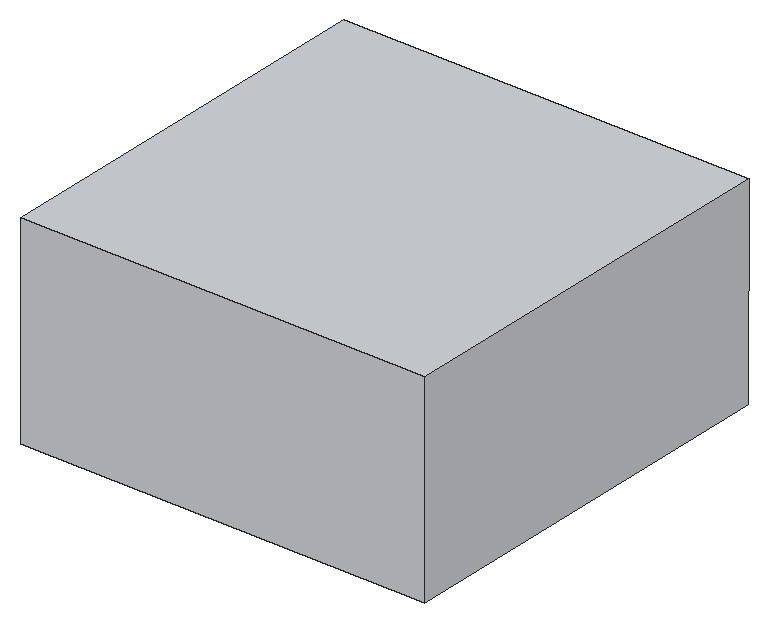
Revit family "Junction Box with Audio System", category Electrical Fixtures, host Face, Revit 2025
Family settings
  Host = Face
  Round Connector Dimension = Use Diameter
  Part Type = Junction Box
  Cut with Voids When Loaded = No
  Maintain Annotation Orientation = Yes
  Shared = No
  Room Calculation Point = No
Parameters (values of type "Face Mounted")
  Width = 4"
  Wall Mounted = not(Face Mounted)  # yes
  Symbol Distance [instance] = 0"
  Height = 4"
  Face Mounted = no
  Depth = 2"
  Default Elevation = 48"
Types (2): name
  Face Mounted
  Wall Mounted
Reference planes (in)
  plane 1 "Center (Front/Back)": y = 0
  plane 2: z = 0
  plane 3 "Center (Left/Right)": x = 0
  plane 4 "base": z = -2
  plane 5 "top": y = 2
Forms (in)
  Extrusion 1, solid, detail levels medium+fine
    sketch origin (0, 0, -2) x (-1, 0, 0) y (0, -1, 0)
      loop
        line (2, -2) -> (2, 2) -> (-2, 2) -> (-2, -2) -> (2, -2)
    from 0 to 2
Lines and regions (in)
  model lines
    curve 1: circle (0, 2, -1.09049) r 0.5 normal (0, 1, 0)
Dimensions and locks (in)
  equal spacing: Extrusion 1 sketch curve, plane 3 "Center (Left/Right)", Extrusion 1 sketch curve
  "Width": Extrusion 1 sketch curve to Extrusion 1 sketch curve
  "Height": Extrusion 1 sketch curve to Extrusion 1 sketch curve
  equal spacing: Extrusion 1 sketch curve, plane 1 "Center (Front/Back)", Extrusion 1 sketch curve
  "Depth": plane 2 to plane 4 "base"
  aligned and locked: plane 2 to host face
  aligned and locked: level to host face
  aligned and locked: host face to Extrusion 1
  aligned and locked: plane 5 "top" to Extrusion 1
Automatic sketch dimensions
  host sketch curve to host sketch curve = 96"  (x2)
  curve 1 to plane 3 "Center (Left/Right)" = 0"
  plane 4 "base" to curve 1 = 0.90951"
  radius of curve 1 = 1/2"
Connectors (in)
  electrical at (0, 0, 0)
    settings: on Extrusion 1, index 1, voltage 0 V, apparent load 0 VA, apparent load phase1 0 VA, apparent load phase2 0 VA, apparent load phase3 0 VA, power factor 1, load classification "Other", number of poles 1, system type 31, power factor state 1, is connector primary yes, connector utility no, sub classification motor no, connector description ""
